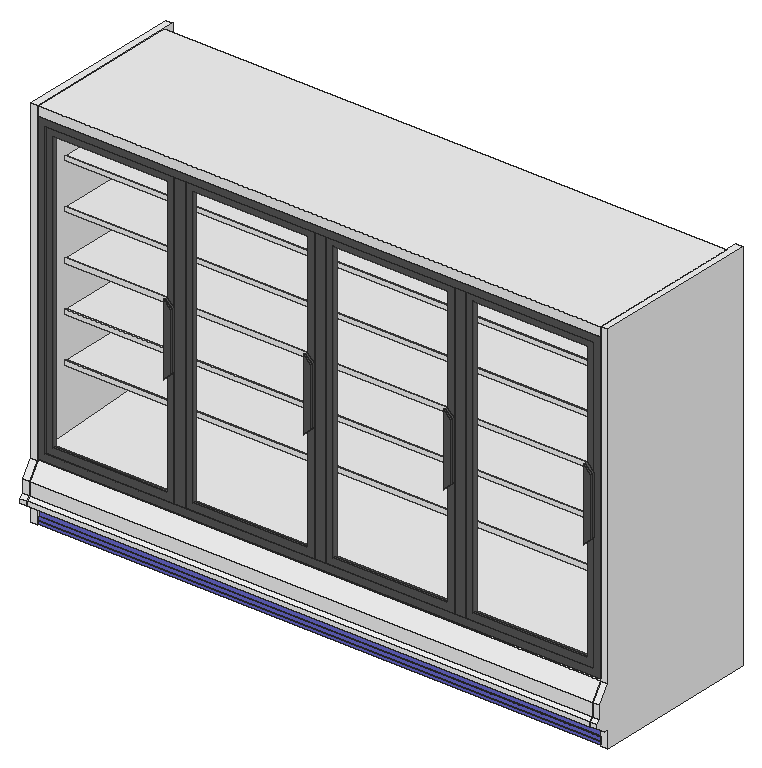
Revit family
Parameters (values of type "RMN-4DR. INNOVATOR II")
  Width = 122 7/8"
  Voltage [instance] = 120 V
  URL = "www.hussmann.com"
  Type Comments = "LT 4-Door Reach-In Merchandiser"
  Temp Sensor [instance] = "Low Voltage"
  System Control [instance] = "1.00 A"
  Standard Right End Cap On/Off [instance] = yes
  Standard Left End Cap On/Off [instance] = yes
  Revit Family Dates = "4/12/12PMA(0508)"
  Refrig. Suction [instance] = "Suction"
  Refrig. Liquid [instance] = "Liquid"
  Phase [instance] = 1
  Number of Shelves = 0
  Model = "RMN-4"
  Mirrored Right End Cap On/Off [instance] = no
  Mirrored Left End Cap On/Off [instance] = no
  Manufacturer = "Hussmann Corporation"
  MCA (Min Circ Amp) [instance] = 3.19 A
  Linear Shelf Length [instance] = 0"
  Height = 82 3/8"
  Front Height = 0"
  Frequency [instance] = 60 Hz
  Finish_Trim [instance] = Stainless Steel 2
  Finish_Top [instance] = none
  Finish_Shelf [instance] = Stainless Steel
  Finish_Handle = Metal-Black-Door
  Finish_Glass [instance] = Glass 2
  Finish_Frame = Metal-Black-Door
  Finish_Door [instance] = Metal-Black-Door
  Finish_Case [instance] = Stainless Steel
  Finish_Bumper [instance] = Metal-Blue-Trim
  Finish_Base [instance] = Stainless Steel
  Drain Pipe Size = "1 1/4\" DIA"
  Description 2 = "Impact Merchandiser"
  Description = "LT 4-Door Reach-In Merchandiser"
  Depth = 39 3/4"
  Copper-Suction [instance] = Copper
  Copper-Liquid [instance] = Copper
  Case Lights Amps [instance] = "2.50 A"
  Case Lights [instance] = 2.5 A
  Case Fans (MCA) [instance] = "3.19 A"
  Assembly Code = ""
Reference planes (in)
  plane 1 "Center (Front/Back)": y = 0
  plane 2: z = 0
  plane 3: z = 13.375
  plane 4: z = 80.375
  plane 5: z = 82.375
  plane 6: x = -62.05894
  plane 7: x = 60.81606
  plane 8: x = -0.62144
  plane 9: y = -39.75
  plane 10: y = -30.625
  plane 11: y = -28
  plane 12: x = -22.11949
  plane 13: x = 20.88051
Forms (in)
  Extrusion 1, solid, material "Stainless Steel" <- "Finish_Base"
    sketch origin (-63.55894, 0, 0) x (0, 1, 0) y (0, 0, 1)
      loop
        line (-33.84766, 1.76162) -> (0, 1.76162) -> (0, 4.26162) -> (-33.84766, 4.26162) -> (-33.84766, 1.76162)
    from 3 to 122.875
  Extrusion 2, solid, material "Stainless Steel" <- "Finish_Case"
    sketch origin (-62.05894, 0, 0) x (0, 1, 0) y (0, 0, 1)
      loop
        line (-5, 4.26162) -> (-2.5, 6.76162) -> (-2.5, 82) -> (-36.8125, 82) -> (-36.8125, 80) -> (-5.25, 80) -> (-5.25, 7.94575) -> (-24.32494, 7.27964) -> (-25.55546, 6.04913) -> (-29.05546, 6.04913) -> (-31, 7.99367) -> (-33.25, 7.99367) -> (-33.25, 5.99367) -> (-30.25, 4.26162) -> (-5, 4.26162)
    from 0 to 122.875
  Extrusion 3, solid, material "Stainless Steel" <- "Finish_Case"
    sketch origin (-62.05894, 0, 0) x (0, 1, 0) y (0, 0, 1)
      loop
        line (-2.5, 4.26162) -> (0, 4.26162) -> (0, 49.76162) -> (-2.5, 49.76162) -> (-2.5, 4.26162)
    from 0 to 122.87891
  Extrusion 4, solid, material "Stainless Steel" <- "Finish_Base"
    sketch origin (-60.55894, 0, 0) x (0, 1, 0) y (0, 0, 1)
      loop
        line (-0.5532, 1.76162) -> (-2.8032, 1.76162) -> (-2.8032, 0) -> (-0.5532, 0) -> (-0.5532, 1.76162)
      loop
        line (-29.125, 1.76162) -> (-29.125, 0) -> (-26.875, 0) -> (-26.875, 1.76162) -> (-29.125, 1.76162)
    from 0 to 119.875
  Extrusion 5, solid, material "Stainless Steel" <- "Finish_Case"
    sketch origin (-62.05894, 0, 0) x (0, 1, 0) y (0, 0, 1)
      loop
        line (-5.25, 80) -> (-32.75, 80) -> (-32.75, 78.93201) -> (-7.5, 78.49127) -> (-7.5, 7.85845) -> (-5.25, 7.93702) -> (-5.25, 80)
    from 0 to 122.875
  Extrusion 6, solid
    sketch origin (-62.05894, 0, 0) x (0, 1, 0) y (0, 0, 1)
      loop
        line (-33, 78.93638) -> (-33, 77.93638) -> (-30, 77.93638) -> (-30, 78.88401) -> (-33, 78.93638)
    from 0 to 122.875
  Extrusion 7, solid, material "Stainless Steel" <- "Finish_Base"
    sketch origin (-62.05894, 0, 0) x (0, 1, 0) y (0, 0, 1)
      loop
        line (-7.5, 7.86718) -> (-7.5, 13.65118) -> (-29, 13.65118) -> (-29, 10.65118)
        arc (-29, 10.65118) -> (-29.29289, 9.94407) -> (-30, 9.65118) r 1
        line (-30, 9.65118) -> (-31.25, 9.65118)
        arc (-31.25, 9.65118) -> (-31.95711, 9.94407) -> (-32.25, 10.65118) r 1
        line (-32.25, 10.65118) -> (-32.25, 13) -> (-33.25, 13) -> (-33.25, 7.99367) -> (-31, 7.99367) -> (-29.05546, 6.04913) -> (-25.55546, 6.04913) -> (-24.32494, 7.27964) -> (-7.5, 7.86718)
    from 0 to 122.87891
  Extrusion 8, solid, material "Stainless Steel" <- "Finish_Shelf"
    sketch origin (-62.05894, 0, 0) x (0, 1, 0) y (0, 0, 1)
      loop
        line (-7.5, 64.08657) -> (-7.5, 68.01162) -> (-8.5, 68.01162) -> (-8.5, 69.01162) -> (-29.5, 69.01162) -> (-29.5, 69.26162) -> (-29.75, 69.26162) -> (-29.75, 68.26162) -> (-29.5, 68.26162) -> (-29.5, 68.76162) -> (-26, 68.76162) -> (-26, 68.51162) -> (-13.81963, 68.51162) -> (-7.5, 64.08657)
      loop
        line (-7.5, 54.08657) -> (-7.5, 58.01162) -> (-8.5, 58.01162) -> (-8.5, 59.01162) -> (-29.5, 59.01162) -> (-29.5, 59.26162) -> (-29.75, 59.26162) -> (-29.75, 58.26162) -> (-29.5, 58.26162) -> (-29.5, 58.76162) -> (-26, 58.76162) -> (-26, 58.51162) -> (-13.81963, 58.51162) -> (-7.5, 54.08657)
      loop
        line (-7.5, 44.08657) -> (-7.5, 48.01162) -> (-8.5, 48.01162) -> (-8.5, 49.01162) -> (-29.5, 49.01162) -> (-29.5, 49.26162) -> (-29.75, 49.26162) -> (-29.75, 48.26162) -> (-29.5, 48.26162) -> (-29.5, 48.76162) -> (-26, 48.76162) -> (-26, 48.51162) -> (-13.81963, 48.51162) -> (-7.5, 44.08657)
      loop
        line (-7.5, 34.08657) -> (-7.5, 38.01162) -> (-8.5, 38.01162) -> (-8.5, 39.01162) -> (-29.5, 39.01162) -> (-29.5, 39.26162) -> (-29.75, 39.26162) -> (-29.75, 38.26162) -> (-29.5, 38.26162) -> (-29.5, 38.76162) -> (-26, 38.76162) -> (-26, 38.51162) -> (-13.81963, 38.51162) -> (-7.5, 34.08657)
      loop
        line (-7.5, 24.08657) -> (-7.5, 28.01162) -> (-8.5, 28.01162) -> (-8.5, 29.01162) -> (-29.5, 29.01162) -> (-29.5, 29.26162) -> (-29.75, 29.26162) -> (-29.75, 28.26162) -> (-29.5, 28.26162) -> (-29.5, 28.76162) -> (-26, 28.76162) -> (-26, 28.51162) -> (-13.81963, 28.51162) -> (-7.5, 24.08657)
      loop
        line (-34.54319, 13.47728) -> (-7.5, 14.89456) -> (-7.5, 15.89593) -> (-34.54319, 14.47866) -> (-34.54319, 13.47728)
    from 0 to 122.875
  Extrusion 9, solid, material "Stainless Steel"
    sketch origin (-60.55894, 0, 0) x (0, 1, 0) y (0, 0, 1)
      loop
        line (0, 4.26162) -> (-33.84766, 4.26162) -> (-33.84766, 0) -> (0, 0) -> (0, 4.26162)
    from 0 to -1.5
  Extrusion 10, solid, material "Stainless Steel"
    sketch origin (59.31661, 0, 0) x (0, 1, 0) y (0, 0, 1)
      loop
        line (0, 4.26162) -> (-33.84766, 4.26162) -> (-33.84766, 0) -> (0, 0) -> (0, 4.26162)
    from 0 to 1.5
  Sweep 11, solid, material "Metal-Black-Door"
    path origin (0, 3.1875, 0) x (1, 0, 0) y (0, 0, 1)
      loop
        line (-62.05894, 80) -> (-62.05894, 13) -> (60.81606, 13) -> (60.81606, 80) -> (-62.05894, 80)
    profile origin (-0.62144, 3.1875, 80) x (0, 0, 1) y (0, -1, 0)
      loop
        line (0, 40) -> (-1.5, 40) -> (-1.5, 38.5) -> (0, 38.5) -> (0, 40)
  Extrusion 12, solid, material "Metal-Black-Door"
    sketch origin (0, -36.8125, 0) x (0, 0, 1) y (1, 0, 0)
      loop
        line (78.5, -60.55894) -> (78.5, -32.46449) -> (14.5, -32.46449) -> (14.5, -60.55894) -> (78.5, -60.55894)
      loop
        line (77, -59.05894) -> (77, -33.96449) -> (16, -33.96449) -> (16, -59.05894) -> (77, -59.05894)
      loop
        line (78.5, -29.96644) -> (78.5, -1.87144) -> (14.5, -1.87144) -> (14.5, -29.96644) -> (78.5, -29.96644)
      loop
        line (77, -28.46644) -> (77, -3.37144) -> (16, -3.37144) -> (16, -28.46644) -> (77, -28.46644)
      loop
        line (78.5, 0.62856) -> (78.5, 28.72356) -> (14.5, 28.72356) -> (14.5, 0.62856) -> (78.5, 0.62856)
      loop
        line (77, 2.12856) -> (77, 27.22356) -> (16, 27.22356) -> (16, 2.12856) -> (77, 2.12856)
      loop
        line (78.5, 31.22106) -> (78.5, 59.31606) -> (14.5, 59.31606) -> (14.5, 31.22106) -> (78.5, 31.22106)
      loop
        line (77, 32.72106) -> (77, 57.81551) -> (16, 57.81551) -> (16, 32.72106) -> (77, 32.72106)
    from 0.25 to 1.25
  Extrusion 13, solid, material "Glass 2"
    sketch origin (0, -36.0625, 0) x (1, 0, 0) y (0, 0, 1)
      loop
        line (-59.05894, 77) -> (-59.05894, 16) -> (-33.96449, 16) -> (-33.96449, 77) -> (-59.05894, 77)
      loop
        line (-28.46644, 77) -> (-28.46644, 16) -> (-3.37144, 16) -> (-3.37144, 77) -> (-28.46644, 77)
      loop
        line (2.12856, 77) -> (2.12856, 16) -> (27.22356, 16) -> (27.22356, 77) -> (2.12856, 77)
      loop
        line (32.72106, 77) -> (32.72106, 16) -> (57.81551, 16) -> (57.81551, 77) -> (32.72106, 77)
    from 0.15 to -0.15
  Extrusion 14, solid, material "Metal-Black-Door"
    sketch origin (-19.81375, 0.0625, 31.9375) x (1, 0, 0) y (0, 0, 1)
      loop
        line (-14.15074, 22.4375) -> (-14.15074, 22.08395) -> (-12.90074, 20.83395) -> (-12.90074, 8.29105) -> (-14.15074, 7.04105) -> (-14.15074, 6.6875) -> (-12.65074, 8.1875) -> (-12.65074, 20.9375) -> (-14.15074, 22.4375)
    from 36.875 to 37.375
  Extrusion 15, solid, material "Metal-Black-Door"
    sketch origin (-19.81375, -37.3125, 31.9375) x (1, 0, 0) y (0, 0, 1)
      loop
        line (-12.65074, 20.9375) -> (-14.15074, 22.4375) -> (-14.15074, 6.6875) -> (-12.65074, 8.1875) -> (-12.65074, 20.9375)
    from 0.25 to 0
  Extrusion 16, solid, material "Metal-Black-Door"
    sketch origin (10.78125, 0.0625, 31.9375) x (1, 0, 0) y (0, 0, 1)
      loop
        line (-14.15074, 22.4375) -> (-14.15074, 22.08395) -> (-12.90074, 20.83395) -> (-12.90074, 8.29105) -> (-14.15074, 7.04105) -> (-14.15074, 6.6875) -> (-12.65074, 8.1875) -> (-12.65074, 20.9375) -> (-14.15074, 22.4375)
    from 36.875 to 37.375
  Extrusion 17, solid, material "Metal-Black-Door"
    sketch origin (10.78125, -37.3125, 31.9375) x (1, 0, 0) y (0, 0, 1)
      loop
        line (-12.65074, 20.9375) -> (-14.15074, 22.4375) -> (-14.15074, 6.6875) -> (-12.65074, 8.1875) -> (-12.65074, 20.9375)
    from 0.25 to 0
  Extrusion 18, solid, material "Metal-Black-Door"
    sketch origin (41.3743, 0.0625, 31.9375) x (1, 0, 0) y (0, 0, 1)
      loop
        line (-14.15074, 22.4375) -> (-14.15074, 22.08395) -> (-12.90074, 20.83395) -> (-12.90074, 8.29105) -> (-14.15074, 7.04105) -> (-14.15074, 6.6875) -> (-12.65074, 8.1875) -> (-12.65074, 20.9375) -> (-14.15074, 22.4375)
    from 36.875 to 37.375
  Extrusion 19, solid, material "Metal-Black-Door"
    sketch origin (41.3743, -37.3125, 31.9375) x (1, 0, 0) y (0, 0, 1)
      loop
        line (-12.65074, 20.9375) -> (-14.15074, 22.4375) -> (-14.15074, 6.6875) -> (-12.65074, 8.1875) -> (-12.65074, 20.9375)
    from 0.25 to 0
  Extrusion 20, solid, material "Metal-Black-Door"
    sketch origin (71.9668, 0.0625, 31.9375) x (1, 0, 0) y (0, 0, 1)
      loop
        line (-14.15128, 22.4375) -> (-14.15128, 22.08395) -> (-12.90074, 20.83395) -> (-12.90074, 8.29105) -> (-14.15128, 7.04105) -> (-14.15128, 6.6875) -> (-12.65074, 8.1875) -> (-12.65074, 20.9375) -> (-14.15128, 22.4375)
    from 36.875 to 37.375
  Extrusion 21, solid, material "Metal-Black-Door"
    sketch origin (71.9668, -37.3125, 31.9375) x (1, 0, 0) y (0, 0, 1)
      loop
        line (-12.65074, 20.9375) -> (-14.15128, 22.4375) -> (-14.15128, 6.6875) -> (-12.65074, 8.1875) -> (-12.65074, 20.9375)
    from 0.25 to 0
  Extrusion 22, solid, material "Stainless Steel"
    sketch origin (-62.05894, 4, 0) x (0, 1, 0) y (0, 0, 1)
      loop
        line (-37.25, 13) -> (-40.75, 12.69379) -> (-43.04431, 9.41718) -> (-43.04431, 6.66718) -> (-43.75, 5.96149) -> (-43.75, 5.08872) -> (-42.51777, 4.2259) -> (-40.75, 5.99367) -> (-40.75, 7.99367) -> (-37.25, 7.99367) -> (-37.25, 13)
    from 0 to 122.875
  Extrusion 23, solid, material "Metal-Blue-Trim"
    sketch origin (-65.05894, 4.8125, 0) x (0, 1, 0) y (0, 0, 1)
      loop
        line (-38.66016, 4.7871) -> (-39.66016, 5.36445) -> (-39.66016, 4.26162) -> (-41.3125, 4.55297) -> (-41.3125, 1.75) -> (-41.5625, 1.75) -> (-41.5625, 1) -> (-41.3125, 1) -> (-41.3125, 0.75) -> (-41.5625, 0.75) -> (-41.5625, 0.19004) -> (-39.66016, 0.52548) -> (-39.66016, 0) -> (-38.66016, 0) -> (-38.66016, 4.7871)
    from 3 to 125.875
  Extrusion 24, solid, material "Metal Black-door"
    sketch origin (0, -36.4125, 0) x (1, 0, 0) y (0, 0, 1)
      loop
        line (-32.46449, 78.5) -> (-32.46449, 14.5) -> (-29.96644, 14.5) -> (-29.96644, 78.5) -> (-32.46449, 78.5)
      loop
        line (-1.87144, 78.5) -> (-1.87144, 14.5) -> (0.62856, 14.5) -> (0.62856, 78.5) -> (-1.87144, 78.5)
      loop
        line (28.72356, 78.5) -> (28.72356, 14.5) -> (31.22106, 14.5) -> (31.22106, 78.5) -> (28.72356, 78.5)
    from 0.15 to -0.15
  Extrusion 25, solid, material "Glass 2"
    sketch origin (0, 4.15234, 0) x (1, 0, 0) y (0, 1, 0)
      loop
        circle (55.82723, -37) r 0.375
      loop
        circle (55.82723, -37) r 0.36775
      loop
        circle (54.95081, -37) r 0.375
      loop
        circle (54.95081, -37) r 0.36775
      loop
        circle (54.07439, -37) r 0.375
      loop
        circle (54.07439, -37) r 0.36775
      loop
        circle (53.19797, -37) r 0.375
      loop
        circle (53.19797, -37) r 0.36775
      loop
        circle (52.32155, -37) r 0.375
      loop
        circle (52.32155, -37) r 0.36775
    from 4.63662 to 1.75
  Extrusion 26, solid, material "Glass 2"
    sketch origin (0, 3.41819, 0) x (1, 0, 0) y (0, 1, 0)
      loop
        circle (-0.61558, -34.54319) r 0.625
      loop
        circle (-0.61558, -34.54319) r 0.57589
    from 6.42413 to 1.75
  Extrusion 27, solid, material "Copper" <- "Copper-Liquid"
    sketch origin (0, 4.5, 0) x (1, 0, 0) y (0, 1, 0)
      loop
        circle (54.73782, -34.5) r 0.1875
      loop
        circle (54.73782, -34.5) r 0.17725
    from 4.26162 to 1.32634
  Extrusion 28, solid, material "Copper" <- "Copper-Suction"
    sketch origin (0, 5.5, 0) x (1, 0, 0) y (0, 1, 0)
      loop
        circle (55.82723, -35.5) r 0.4375
      loop
        circle (55.82723, -35.5) r 0.42774
    from 4.26162 to 1.32634
Lines and regions (in)
  symbolic lines
    curve 1: line (-62.05894, 0, 0) -> (60.81606, 0, 0)
    curve 2: line (-62.05894, -39.75, 0) -> (-62.05894, 0, 0)
    curve 3: line (60.81606, -39.75, 0) -> (-62.05894, -39.75, 0)
    curve 4: line (60.81606, 0, 0) -> (60.81606, -39.75, 0)
    curve 5: line (-60.55894, -39.75, 0) -> (-40.69316, -59.61578, 0)
    curve 6: line (-29.96644, -39.75, 0) -> (-10.10066, -59.61578, 0)
    curve 7: line (0.62856, -39.75, 0) -> (20.49434, -59.61578, 0)
    curve 8: line (31.22106, -39.75, 0) -> (51.08684, -59.61578, 0)
Dimensions and locks (in)
  level to plane 3 to plane 4 to plane 5 = 13 3/8", 67", 2"
  plane 5 to level = 82 3/8"
  level to plane 5 = 82 3/8"
  plane 6 to plane 7 = 122 7/8"
  plane 7 to plane 6 = 122 7/8"
  plane 8 to plane 6 = 61 7/16"
  plane 1 "Center (Front/Back)" to plane 9 = 39 3/4"
  plane 1 "Center (Front/Back)" to plane 10 = 30 5/8"
  plane 1 "Center (Front/Back)" to plane 11 = 28"
  plane 9 to plane 1 "Center (Front/Back)" = 39 3/4"  (x2)
  plane 10 to plane 1 "Center (Front/Back)" = 30 5/8"
  plane 11 to plane 1 "Center (Front/Back)" = 28"
  aligned and locked: Extrusion 1 to Extrusion 4  (x2)
Nested families (in)
  nested 1: "Label Annotation 3-32" at (-2.11949, -7.5, 0), type "Label Annotation 3-32"
  nested 2: "RLN-INNOVATORII_END CAP MIRRORED" at (-59.93945, 0, 0), visible <- "Mirrored Left End Cap On/Off", type "RLN-End Panel Mirrored"
    with Serial Number "N/A", Remarks "N/A", Received By "N/A", Furnished By "N/A", Finish_Trim Stainless Steel 2, Finish_Top none, Finish_Shelf Stainless Steel, Finish_Glass Glass 2, Finish_Door Metal Black-Door, Finish_Case Stainless Steel, Finish_Bumper Metal Blue-trim, Finish_Base Stainless Steel, Final Hookup By "N/A", Assembled By "N/A"
  nested 3: "RLN-INNOVATORII_END CAP MIRRORED" at (64.43555, 0, 0), visible <- "Mirrored Right End Cap On/Off", type "RLN-End Panel Mirrored"
    with Serial Number "N/A", Remarks "N/A", Received By "N/A", Furnished By "N/A", Finish_Trim Stainless Steel 2, Finish_Top none, Finish_Shelf Stainless Steel, Finish_Glass Glass 2, Finish_Door Metal Black-Door, Finish_Case Stainless Steel, Finish_Bumper Metal Blue-trim, Finish_Base Stainless Steel, Final Hookup By "N/A", Assembled By "N/A"
  nested 4: "RLN-INNOVATORII_END PANEL" at (-59.93945, 0, 0), visible <- "Standard Left End Cap On/Off", type "RLN-End Panel Mirrored"
    with Serial Number "N/A", Remarks "N/A", Received By "N/A", Furnished By "N/A", Finish_Trim Stainless Steel 2, Finish_Top none, Finish_Shelf Stainless Steel, Finish_Glass Glass 2, Finish_Door Metal Black-Door, Finish_Case Stainless Steel, Finish_Bumper Metal Blue-trim, Finish_Base Stainless Steel, Final Hookup By "N/A", Assembled By "N/A"
  nested 5: "RLN-INNOVATORII_END PANEL" at (64.43945, 0, 0), visible <- "Standard Right End Cap On/Off", type "RLN-End Panel Mirrored"
    with Serial Number "N/A", Remarks "N/A", Received By "N/A", Furnished By "N/A", Finish_Trim Stainless Steel 2, Finish_Top none, Finish_Shelf Stainless Steel, Finish_Glass Glass 2, Finish_Door Metal Black-Door, Finish_Case Stainless Steel, Finish_Bumper Metal Blue-trim, Finish_Base Stainless Steel, Final Hookup By "N/A", Assembled By "N/A"
  nested 6: "Case Nodes" at (55.82666, -32.84753, 0), type "Case Nodes"
  nested 7: "Case Nodes" at (55.82791, -30, 0), type "Case Nodes"
  nested 8: "Case Nodes" at (-22.11949, -36.8125, 0), type "Case Nodes"
  nested 9: "Case Nodes" at (-22.11949, -30, 0), type "Case Nodes"
  nested 10: "Case Nodes" at (20.88051, -36.8125, 0) x (-1, 0, 0) z (0, 0, 1), type "Case Nodes"
  nested 11: "Case Nodes" at (20.88051, -30, 0) x (-1, 0, 0) z (0, 0, 1), type "Case Nodes"
Connectors (in)
  piping at (-0.61558, -31.125, 1.75), driven by "Drain Pipe Size"
    settings: on Extrusion 26, index 3, connector radius 5/8", flow factor 0, pipe flow 0 GPM, pressure drop 0.00 psi, fitting loss kfactor 0, connector angle 0.00°, fixture units 0, flow configuration 0, flow direction 2, fitting loss method 0, system type 16, connector reference index -1, connector utility 0, adjustable connector no, is connector primary yes, fitting loss table "", connector description "1 1/4\" DIA"
  electrical at (54.95081, -32.84766, 1.75), driven by "Case Fans (MCA)", driven by "Phase", driven by "Voltage"
    settings: on Extrusion 25, index 5, voltage 120 V, apparent load 0 VA, apparent load phase1 0 VA, apparent load phase2 0 VA, apparent load phase3 0 VA, power factor 1, load classification "Power", number of poles 1, system type 30, power factor state 1, is connector primary yes, connector utility no, sub classification motor no, connector description "3.19 A"
  electrical at (54.07439, -32.84766, 1.75), driven by "Case Lights Amps", driven by "Phase", driven by "Voltage"
    settings: on Extrusion 25, index 6, voltage 120 V, apparent load 0 VA, apparent load phase1 0 VA, apparent load phase2 0 VA, apparent load phase3 0 VA, power factor 1, load classification "Lighting", number of poles 1, system type 30, power factor state 1, is connector primary no, connector utility no, sub classification motor no, connector description "2.50 A"
  electrical at (53.19797, -32.84766, 1.75), driven by "System Control"
    settings: on Extrusion 25, index 7, voltage 0 V, apparent load 0 VA, apparent load phase1 0 VA, apparent load phase2 0 VA, apparent load phase3 0 VA, power factor 1, load classification "Other", number of poles 1, system type 13, power factor state 1, is connector primary no, connector utility no, sub classification motor no, connector description "1.00 A"
  electrical at (52.32155, -32.84766, 1.75), driven by "Temp Sensor"
    settings: on Extrusion 25, index 8, voltage 0 V, apparent load 0 VA, apparent load phase1 0 VA, apparent load phase2 0 VA, apparent load phase3 0 VA, power factor 1, load classification "Other", number of poles 1, system type 5, power factor state 1, is connector primary no, connector utility no, sub classification motor no, connector description "Low Voltage"
  piping at (55.82723, -30, 1.32634), driven by "Refrig. Suction"
    settings: on Extrusion 28, index 9, connector radius 7/16", flow factor 0, pipe flow 0 GPM, pressure drop 0.00 psi, fitting loss kfactor 0, connector angle 0.00°, fixture units 0, flow configuration 0, flow direction 2, fitting loss method 0, system type 22, connector reference index -1, connector utility 0, adjustable connector no, is connector primary no, fitting loss table "", connector description "Suction"
  piping at (54.73782, -30, 1.32634), driven by "Refrig. Liquid"
    settings: on Extrusion 27, index 10, connector radius 3/16", flow factor 0, pipe flow 0 GPM, pressure drop 0.00 psi, fitting loss kfactor 0, connector angle 0.00°, fixture units 0, flow configuration 0, flow direction 1, fitting loss method 0, system type 22, connector reference index -1, connector utility 0, adjustable connector no, is connector primary no, fitting loss table "", connector description "Liquid"
Definition of nested family "RLN-INNOVATORII_END CAP MIRRORED"
  Parameters (values of type "RLN-End Panel Mirrored")
    Width = 1 1/2"
    Watts = ""
    Volts = ""
    URL = "www.hussmann.com"
    Type Comments = "N/A"
    Telephone = no
    Serial Number [instance] = "N/A"
    Remarks [instance] = "N/A"
    Refrigerant Type = "N/A"
    Received By [instance] = "N/A"
    Prototype = no
    Power = "N/A"
    PO Template = no
    Number of Shelves = 0
    Model = "RLN- Mirrored End Panel"
    Manufacturer = "Hussmann"
    Linear Shelf Length = 0"
    Item = "N/A"
    Install Date - Actual = "N/A"
    Install Data - Projected = "N/A"
    Hot Water = no
    Height = 82"
    HP = ""
    Gas Type = "N/A"
    Gas Pipe Size = "N/A"
    Furnished By [instance] = "N/A"
    Front Height = 0"
    Finish_Trim [instance] = Stainless Steel 2
    Finish_Top [instance] = none
    Finish_Shelf [instance] = Stainless Steel
    Finish_Handle = Metal Black-Door
    Finish_Glass [instance] = Glass 2
    Finish_Frame = Metal Black-Door
    Finish_Door [instance] = Metal Black-Door
    Finish_Case [instance] = Stainless Steel
    Finish_Bumper [instance] = Metal Blue-trim
    Finish_Base [instance] = Stainless Steel
    Final Hookup By [instance] = "N/A"
    Evap Temp = ""
    EMS = no
    Drain Pipe Size = "N/A"
    Divisional Use = "N/A"
    Description 2 = "Impact Merchandiser"
    Description = "Low Temperature Reach-in(Food or Ice Cream)"
    Depth = 39 3/4"
    Data = "N/A"
    Cold Water = no
    Class Code = "N/A"
    Category = "N/A"
    BTU Rating = "N/A"
    Assembly Code = "E1090320"
    Assembled By [instance] = "N/A"
    Amps = ""
    Accessories/Options = "N/A"
  Reference planes (in)
    plane 1 "Center (Front/Back)": y = 0
    plane 2: z = 0
    plane 3: y = -39.75
  Forms (in)
    Extrusion 1, solid, material "Stainless Steel" <- "Finish_Case"
      sketch origin (-3.61949, 0, 0) x (0, 1, 0) y (0, 0, 1)
        loop
          line (0, 82) -> (-36.8125, 82) -> (-36.8125, 12.60453) -> (-39.04431, 9.41718) -> (-39.04431, 6.66718) -> (-39.75, 5.96149) -> (-39.75, 5.08872) -> (-38.19514, 4) -> (-36.75, 4) -> (-36.75, 0) -> (0, 0) -> (0, 82)
      from 0 to 1.5
  Lines and regions (in)
    symbolic lines
      curve 1: line (-3.61949, 0, 0) -> (-2.11949, 0, 0)
      curve 2: line (-3.61949, -39.75, 0) -> (-3.61949, 0, 0)
      curve 3: line (-2.11949, -39.75, 0) -> (-3.61949, -39.75, 0)
      curve 4: line (-2.11949, 0, 0) -> (-2.11949, -39.75, 0)
  Dimensions and locks (in)
    plane 1 "Center (Front/Back)" to Extrusion 1 = 39 3/4"
    plane 3 to plane 1 "Center (Front/Back)" = 39 3/4"
    Extrusion 1 to Extrusion 1 = 1 1/2"
    locked: Extrusion 1 to Extrusion 1 at 1.5  (x2)
    locked: Extrusion 1 to level at 82
    aligned: curve 1 to Extrusion 1  (x2)
    aligned: curve 4 to Extrusion 1  (x2)
Definition of nested family "RLN-INNOVATORII_END PANEL"
  Parameters (values of type "RLN-End Panel")
    Width = 1 1/2"
    Watts = ""
    Volts = ""
    URL = "www.hussmann.com"
    Type Comments = "N/A"
    Telephone = no
    Serial Number [instance] = "N/A"
    Remarks [instance] = "N/A"
    Refrigerant Type = "N/A"
    Received By [instance] = "N/A"
    Prototype = no
    Power = "N/A"
    PO Template = no
    Number of Shelves = 0
    Model = "RLN- Mirrored End Panel"
    Manufacturer = "Hussmann"
    Linear Shelf Length = 0"
    Item = "N/A"
    Install Date - Actual = "N/A"
    Install Data - Projected = "N/A"
    Hot Water = no
    Height = 82"
    HP = ""
    Gas Type = "N/A"
    Gas Pipe Size = "N/A"
    Furnished By [instance] = "N/A"
    Front Height = 0"
    Finish_Trim [instance] = Stainless Steel 2
    Finish_Top [instance] = none
    Finish_Shelf [instance] = Stainless Steel
    Finish_Handle = Metal Black-Door
    Finish_Glass [instance] = Glass 2
    Finish_Frame = Metal Black-Door
    Finish_Door [instance] = Metal Black-Door
    Finish_Case [instance] = Stainless Steel
    Finish_Bumper [instance] = Metal Blue-trim
    Finish_Base [instance] = Stainless Steel
    Final Hookup By [instance] = "N/A"
    Evap Temp = ""
    EMS = no
    Drain Pipe Size = "N/A"
    Divisional Use = "N/A"
    Description 2 = "Impact Merchandiser"
    Description = "Low Temperature Reach-in(Food or Ice Cream)"
    Depth = 39 3/4"
    Data = "N/A"
    Cold Water = no
    Class Code = "N/A"
    Category = "N/A"
    BTU Rating = "N/A"
    Assembly Code = "E1090320"
    Assembled By [instance] = "N/A"
    Amps = ""
    Accessories/Options = "N/A"
  Reference planes (in)
    plane 1 "Center (Front/Back)": y = 0
    plane 2: z = 0
    plane 3: y = -39.75
  Forms (in)
    Extrusion 1, solid, material "Stainless Steel" <- "Finish_Case"
      sketch origin (-3.61949, 0, -0.37544) x (0, 1, 0) y (0, 0, 1)
        loop
          line (0, 82.375) -> (-36.8125, 82.375) -> (-36.8125, 12.97953) -> (-39.04431, 9.79218) -> (-39.04431, 7.04218) -> (-39.75, 6.33649) -> (-39.75, 5.46372) -> (-37.65959, 4) -> (-36.75, 4) -> (-36.75, 0.37544) -> (0, 0.37544) -> (0, 82.375)
      from 0 to 1.5
  Lines and regions (in)
    symbolic lines
      curve 1: line (-3.61949, 0, 0) -> (-2.11949, 0, 0)
      curve 2: line (-3.61949, -39.75, 0) -> (-3.61949, 0, 0)
      curve 3: line (-2.11949, -39.75, 0) -> (-3.61949, -39.75, 0)
      curve 4: line (-2.11949, 0, 0) -> (-2.11949, -39.75, 0)
  Dimensions and locks (in)
    plane 1 "Center (Front/Back)" to Extrusion 1 = 39 3/4"
    plane 3 to plane 1 "Center (Front/Back)" = 39 3/4"
    Extrusion 1 to Extrusion 1 = 1 1/2"
    locked: Extrusion 1 to Extrusion 1 at 1.5  (x2)
    Extrusion 1 to level = 81.99956"
    aligned: curve 1 to Extrusion 1  (x2)
    aligned: curve 4 to Extrusion 1  (x2)
Definition of nested family "Label Annotation 3-32"
  Parameters
    Label = ""
  Reference planes (in)
    plane 1: y = 0
    plane 2: x = 0
  Text (in)
    label "Label" at (0.00375, -0.00345, 0), shows "Label"
Definition of nested family "Case Nodes"
  Reference planes (in)
    plane 1 "Center (Front/Back)": y = 0
    plane 2: z = 0
    plane 3 "Center (Left/Right)": x = 0
  Lines and regions (in)
    model lines, style "InvisibleLines"
      curve 1: line (2.12132, 2.12132, 0) -> (-2.12132, -2.12132, 0)
      curve 2: line (-2.12132, 2.12132, 0) -> (2.12132, -2.12132, 0)
  Dimensions and locks (in)
    aligned and locked: plane 2 to level
